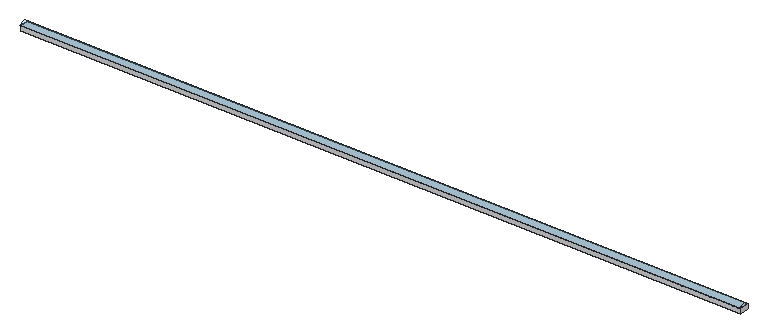
Revit family "277V SENCILLA 5630 IP65_S2560.U.1_N.1", category Luminarias, Revit 2019
Family settings
  Cota de conector redondo = Diámetro de uso
  Tipo de pieza = Normal
  Se basa en plano de trabajo = Sí
  Siempre vertical = No
  Corte con vacíos al cargar = No
  Origen de luz = Sí
  Compartido = No
  Punto de cálculo de habitación = No
Parameters (values of type "277V SENCILLA 5630 IP65_S2560.U.1")
  Tilt Angle = 60.00°
  built-in parameter 1010506 = 0.5236 (stored number, unit not read)
  built-in parameter 1010507 = 1.5708 (stored number, unit not read)
  Zone [instance] = ""
  Watt per fixture [instance] = (Longitud / 1000 mm) * (13.53)  # 13.53
  Wattage = 13.53 W
  built-in parameter 1150107 = 2400 (stored number, unit not read)
  built-in parameter 1150110 = 1 (stored number, unit not read)
  built-in parameter 1150109 = 1 (stored number, unit not read)
  built-in parameter 1150112 = 1 (stored number, unit not read)
  built-in parameter 1150113 = 1 (stored number, unit not read)
  built-in parameter 1114218 = 1 (stored number, unit not read)
  built-in parameter 1150137 = (empty or 0)
  built-in parameter 1150132 = (empty or 0)
  Modelo = "S2560.U.1"
  Lámpara = "5630 SMD"
  Light Source Symbol Length = 3048 mm
  Longitud de línea de emisión = 600 mm
  Longitud [instance] = 1000 mm
  LCl1 Conector Intermedio [instance] = 0
  LCG2 Funda Termo contractil [instance] = (LCC6 Convertidor de Corriente) * (2)  # 2
  LCF3 Tapa Final [instance] = (LCC6 Convertidor de Corriente) * (1)  # 1
  LCC6 Convertidor de Corriente [instance] = 1
  LCA1 Conector Aguja [instance] = (LCC6 Convertidor de Corriente) * (1)  # 1
  built-in parameter 1150105 = 41837 (stored number, unit not read)
  built-in parameter 1150102 = (empty or 0)
  built-in parameter 1150106 = 418.37 (stored number, unit not read)
  Lumens = 12512.7 lm
  Color Filter = 16777215
  built-in parameter 1114217 = 1 (stored number, unit not read)
  built-in parameter 1150139 = (empty or 0)
  Fabricante = "BRILLANT"
  Default Elevation = 0 mm
  built-in parameter 1150104 = 85.918 (stored number, unit not read)
  Descripción = "TIRA LED SENCILLA DE PCB CON RECUBRIMIENTO DE PLASTICO 14MM MONOCROMATICA , CON UNA POTENCIA DE 13.53W/M DE UN TIPO DE LED 5630 SMD, USO PARA INTERIORES COMO EXTERIORES IP65, IRC80, 60 LEDS POR METRO, PRESENTACION DE 50M, TEMPERATURA EN BLANCO ULTRA CALIDO 2400K, 924.81 LUMENES POR METRO, EFICIENCIA DE 68.35 LM/W, CORTE A 1M, ALIMENTADA A 277V, REQUIERE ACCESORIOS COMO CONVERTIDOR DE CORRIENTE (1 POR SEGMENTO DE TIRA), CONECTOR INTERMEDIO (CONSIDERAR EN CORTES DE TIRA O ANGULOS CERRADOS), CONECTOR AGUJA (CONSIDERAR 1PZA PRO CADA CONVERTIDOR), FUNDA TERMOCONTRACTIL (CONSIDERAR 2PZAS POR SEGMENTO DE TIRA), TAPA FINAL (CONSIDERAR 1PZA POR SEGMENTO DE TIRA) Y CLIPS DE SUJECION (CONSIDERAR 4 PZAS POR 1M)"
  built-in parameter 1150115 = 1 (stored number, unit not read)
  built-in parameter 1150114 = 1 (stored number, unit not read)
  Costo USD_S2560 [instance] = (Longitud / 1000 mm) * (11)  # 11
  Cost = 0
  Comentarios de vataje = "277V"
  built-in parameter 1150138 = (empty or 0)
  built-in parameter 1150134 = (empty or 0)
  Circuit [instance] = ""
  Dimming Lamp Color Temperature Shift = (empty or 0)
  CL1 Clips de sujecion [instance] = (Longitud / 1000 mm) * (4)  # 4
  Longitud de símbolo de origen de luz = 3048 mm
Types (2, lengths in mm): name | built-in parameter 1150107 | Modelo | Descripción
  277V SENCILLA 5630 IP65_S2560.U.1 | 2400 (stored number, unit not read) | "S2560.U.1" | "TIRA LED SENCILLA DE PCB CON RECUBRIMIENTO DE PLASTICO 14MM MONOCROMATICA , CON UNA POTENCIA DE 13.53W/M DE UN TIPO DE LED 5630 SMD, USO PARA INTERIORES COMO EXTERIORES IP65, IRC80, 60 LEDS POR METRO, PRESENTACION DE 50M, TEMPERATURA EN BLANCO ULTRA CALIDO 2400K, 924.81 LUMENES POR METRO, EFICIENCIA DE 68.35 LM/W, CORTE A 1M, ALIMENTADA A 277V, REQUIERE ACCESORIOS COMO CONVERTIDOR DE CORRIENTE (1 POR SEGMENTO DE TIRA), CONECTOR INTERMEDIO (CONSIDERAR EN CORTES DE TIRA O ANGULOS CERRADOS), CONECTOR AGUJA (CONSIDERAR 1PZA PRO CADA CONVERTIDOR), FUNDA TERMOCONTRACTIL (CONSIDERAR 2PZAS POR SEGMENTO DE TIRA), TAPA FINAL (CONSIDERAR 1PZA POR SEGMENTO DE TIRA) Y CLIPS DE SUJECION (CONSIDERAR 4 PZAS POR 1M)"
  277V SENCILLA 5630 IP65_S2560.N.1 | 4500 (stored number, unit not read) | "S2560.N.1" | "TIRA LED SENCILLA DE PCB CON RECUBRIMIENTO DE PLASTICO 14MM MONOCROMATICA , CON UNA POTENCIA DE 13.53W/M DE UN TIPO DE LED 5630 SMD, USO PARA INTERIORES COMO EXTERIORES IP65, IRC80, 60 LEDS POR METRO, PRESENTACION DE 50M, TEMPERATURA EN BLANCO FRIO 4500K, 924.81 LUMENES POR METRO, EFICIENCIA DE 68.35 LM/W, CORTE A 1M, ALIMENTADA A 277V, REQUIERE ACCESORIOS COMO CONVERTIDOR DE CORRIENTE (1 POR SEGMENTO DE TIRA), CONECTOR INTERMEDIO (CONSIDERAR EN CORTES DE TIRA O ANGULOS CERRADOS), CONECTOR AGUJA (CONSIDERAR 1PZA PRO CADA CONVERTIDOR), FUNDA TERMOCONTRACTIL (CONSIDERAR 2PZAS POR SEGMENTO DE TIRA), TAPA FINAL (CONSIDERAR 1PZA POR SEGMENTO DE TIRA) Y CLIPS DE SUJECION (CONSIDERAR 4 PZAS POR 1M)"
Reference planes
  plane 1 "Centro (Frontal/Posterior)": y = 0
  plane 2: z = 0
  plane 3 "Centro (Izquierda/Derecha)": x = 0
  plane 4: x = 0
  plane 5: z = 12
  plane 6: x = -1000
Forms (mm)
  Extrusion 1, solid
    sketch origin (0, 0, 0) x (1, 0, 0) y (0, 1, 0)
      loop
        line (-1000, 6.476) -> (-1000, -6.493) -> (0, -6.493) -> (0, 6.476) -> (-1000, 6.476)
    from 0 to 6.038
  Extrusion 2, solid, material "Cristal"
    sketch origin (0, 0, 0) x (0, 1, 0) y (0, 0, 1)
      loop
        arc (6.5, 6.038) -> (0, 10.038) -> (-6.5, 6.038) r 7.281
        line (-6.5, 6.038) -> (6.5, 6.038)
    from -1000 to 0
Dimensions and locks
  "Longitud": plane 6 to plane 4
  aligned and locked: level to plane 2
  aligned and locked: Extrusion 1 to plane 4
  aligned and locked: plane 6 to Extrusion 1
  aligned and locked: Extrusion 2 to Extrusion 1
  aligned and locked: plane 3 "Centro (Izquierda/Derecha)" to Extrusion 2
  aligned and locked: plane 3 "Centro (Izquierda/Derecha)" to Extrusion 1
Automatic sketch dimensions
  Extrusion 1 sketch curve to plane 6 = 0 mm
  Extrusion 1 sketch curve to plane 3 "Centro (Izquierda/Derecha)" = 0 mm
  plane 1 "Centro (Frontal/Posterior)" to Extrusion 1 sketch curve = 6.493 mm
  Extrusion 1 sketch curve to plane 1 "Centro (Frontal/Posterior)" = 6.476 mm
  level to Extrusion 2 sketch curve = 2.757 mm
  Extrusion 2 sketch curve to plane 1 "Centro (Frontal/Posterior)" = 0 mm
  plane 1 "Centro (Frontal/Posterior)" to Extrusion 2 sketch curve = 6.5 mm
  Extrusion 2 sketch curve to plane 5 = 5.962 mm
Connectors
  electrical at (0, -0.009, 3.019)
    settings: on Extrusion 1, index 1, voltage 277 V, apparent load 0 VA, apparent load phase1 0 VA, apparent load phase2 0 VA, apparent load phase3 0 VA, power factor 1, load classification "Otro", number of poles 1, system type 31, power factor state 1, is connector primary yes, connector utility no, sub classification motor no, connector description ""
